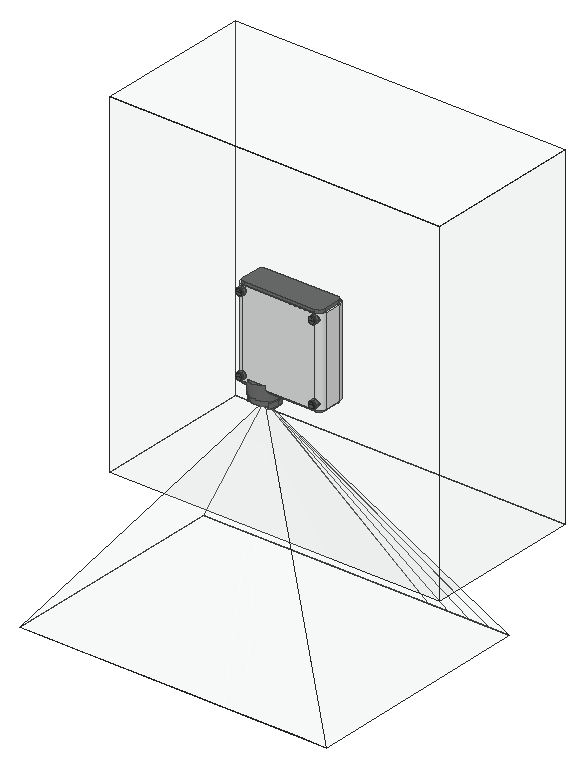
Revit family "Projector-Canon-REALiS_WUX450ST-D-WUX500(ST)-D_Pro_AV", category Communication Devices, host Face, Revit 2015 (continued)
Definition of nested family "Canon Projector"
  Automatic sketch dimensions
    Revolve 13 sketch curve to Revolve 13 sketch curve = 0' - 0 1/128"
    Revolve 13 sketch curve to Revolve 13 sketch curve = 0' - 0.04027"
    Revolve 13 sketch curve to Revolve 13 sketch curve = 0' - 0.0038"
    Revolve 13 sketch curve to Revolve 13 sketch curve = 0' - 0.03598"
    Revolve 13 sketch curve to Revolve 13 sketch curve = 0' - 0.44846"
    Revolve 13 sketch curve to Revolve 13 sketch curve = 0' - 0.00436"
    Revolve 13 sketch curve to Revolve 13 sketch curve = 0' - 0"
    Revolve 13 sketch curve to Revolve 13 sketch curve = 0' - 0.32318"
    Revolve 13 sketch curve to level = 0' - 0.59499"
    Revolve 14 sketch curve to level = 0' - 0"
    Revolve 14 sketch curve to Revolve 14 sketch curve = 0' - 0.00484"
    Revolve 14 sketch curve to Revolve 14 sketch curve = 0' - 0 1/128"
    level to Revolve 14 sketch curve = 0' - 0.66667"
    Revolve 14 sketch curve to Revolve 14 sketch curve = 0' - 0.06033"
    level to Revolve 14 sketch curve = 0' - 0.1366"
    level to Revolve 14 sketch curve = 0' - 0.55581"
    Revolve 14 sketch curve to Revolve 14 sketch curve = 0' - 0.00422"
    Revolve 14 sketch curve to Revolve 14 sketch curve = 0' - 0.44846"
    Revolve 14 sketch curve to Revolve 14 sketch curve = 0' - 0.00436"
    Revolve 14 sketch curve to Revolve 14 sketch curve = 0' - 0"
    Revolve 14 sketch curve to Revolve 14 sketch curve = 0' - 0.32318"
    Revolve 14 sketch curve to level = 0' - 0.59499"
    plane 3 "Projector Center" to Extrusion 15 sketch curve = 0' - 1.57556"
    plane 6 to Extrusion 4 sketch curve = 0' - 2.8706"
    Extrusion 4 sketch curve to plane 3 "Projector Center" = 0' - 1.57556"
    Extrusion 4 sketch curve to Extrusion 4 sketch curve = 0' - 0.07878"
    plane 3 "Projector Center" to Extrusion 4 sketch curve = 0' - 1.49678"
    plane 3 "Projector Center" to Extrusion 4 sketch curve = 0' - 1.57556"
    plane 6 to Extrusion 4 sketch curve = 0' - 0.07878"
    Extrusion 10 sketch curve to Extrusion 10 sketch curve = 0' - 0"
    Extrusion 10 sketch curve to plane 19 = 0' - 0"  (x2)
    Extrusion 10 sketch curve to plane 20 = 0' - 0"
    Revolve 16 sketch curve to Revolve 16 sketch curve = 0' - 0.00422"
    Revolve 16 sketch curve to Revolve 16 sketch curve = 0' - 0 87/256"
    Revolve 16 sketch curve to plane 7 = 0' - 2.12353"
    plane 12 to Revolve 16 sketch curve = 0' - 6.18088"
    level to Revolve 17 sketch curve = 0' - 0.10403"
    Revolve 17 sketch curve to Revolve 17 sketch curve = 0' - 0.4307"
    Revolve 17 sketch curve to Revolve 17 sketch curve = 0' - 0.03598"
    Revolve 17 sketch curve to Revolve 17 sketch curve = 0' - 0.00422"
    Revolve 17 sketch curve to Revolve 17 sketch curve = 0' - 0.45268"
    Revolve 17 sketch curve to Revolve 17 sketch curve = 0' - 0 87/256"
    Revolve 17 sketch curve to plane 7 = 0' - 2.12353"
    plane 12 to Revolve 17 sketch curve = 0' - 6.18088"
    level to Revolve 18 sketch curve = 0' - 0.10403"
    Revolve 18 sketch curve to Revolve 18 sketch curve = 0' - 0.4307"
    Revolve 18 sketch curve to Revolve 18 sketch curve = 0' - 0.03598"
    Revolve 18 sketch curve to Revolve 18 sketch curve = 0' - 0.00422"
    Revolve 18 sketch curve to Revolve 18 sketch curve = 0' - 0.45268"
    Revolve 18 sketch curve to Revolve 18 sketch curve = 0' - 0.52844"
    Revolve 18 sketch curve to plane 7 = 0' - 2.12353"
    plane 12 to Revolve 18 sketch curve = 0' - 6.18088"
    level to Revolve 19 sketch curve = 0' - 0.10403"
    Revolve 19 sketch curve to Revolve 19 sketch curve = 0' - 0.4307"
    Revolve 19 sketch curve to Revolve 19 sketch curve = 0' - 0.03598"
    Revolve 19 sketch curve to Revolve 19 sketch curve = 0' - 0.00422"
    Revolve 19 sketch curve to Revolve 19 sketch curve = 0' - 0.45268"
    Revolve 19 sketch curve to Revolve 19 sketch curve = 0' - 0.52844"
    Revolve 19 sketch curve to plane 7 = 0' - 2.12353"
    plane 12 to Revolve 19 sketch curve = 0' - 6.18088"
    Masking region 1 sketch curve to plane 19 = 0' - 0"
    Masking region 1 sketch curve to Masking region 1 sketch curve = 0' - 0.01207"  (x2)
    Masking region 1 sketch curve to Masking region 1 sketch curve = 0' - 0.02005"  (x2)
    Masking region 1 sketch curve to Masking region 1 sketch curve = 0' - 0.52505"  (x2)
    Masking region 1 sketch curve to Masking region 1 sketch curve = 0' - 0.03016"  (x2)
    Masking region 1 sketch curve to Masking region 1 sketch curve = 0' - 0.60976"  (x2)
    Masking region 1 sketch curve to Masking region 1 sketch curve = 0' - 0.04912"  (x2)
    plane 18 to Masking region 1 sketch curve = 0' - 1.03321"  (x2)
    plane 3 "Projector Center" to Masking region 1 sketch curve = 0' - 1.34175"
    Masking region 1 sketch curve to plane 4 = 0' - 0.00725"
    plane 15 to Masking region 1 sketch curve = 0' - 0.25172"  (x2)
    Masking region 1 sketch curve to plane 15 = 0' - 0.00137"
    plane 5 to Masking region 1 sketch curve = 0' - 1.51257"
    plane 5 to Masking region 1 sketch curve = 0' - 0.76882"
    plane 5 to Masking region 1 sketch curve = 0' - 0.2724"  (x2)
    Masking region 1 sketch curve to plane 5 = 0' - 0.00137"
    Masking region 1 sketch curve to Masking region 1 sketch curve = 0' - 1.36889"  (x2)
    Masking region 1 sketch curve to Masking region 1 sketch curve = 0' - 0.19419"  (x2)
    Masking region 1 sketch curve to Masking region 1 sketch curve = 0' - 0.58602"
    Masking region 1 sketch curve to Masking region 1 sketch curve = 0' - 0.28799"  (x2)
    Masking region 1 sketch curve to Masking region 1 sketch curve = 0' - 0.0016"  (x2)
    Masking region 1 sketch curve to Masking region 1 sketch curve = 0' - 0.02089"  (x2)
    plane 18 to Masking region 1 sketch curve = 0' - 1.42739"  (x2)
    plane 18 to Masking region 1 sketch curve = 0' - 1.72932"
    plane 4 to Masking region 1 sketch curve = 0' - 0.38199"  (x2)
    Masking region 1 sketch curve to Masking region 1 sketch curve = 0' - 0.53335"  (x2)
    Masking region 1 sketch curve to Masking region 1 sketch curve = 0' - 0.0728"
    Extrusion 3 sketch curve to plane 3 "Projector Center" = 0' - 1.0635"
    Extrusion 3 sketch curve to Extrusion 3 sketch curve = 0' - 0.13678"
    Extrusion 3 sketch curve to Extrusion 3 sketch curve = 0' - 0.14654"  (x3)
    plane 3 "Projector Center" to Extrusion 3 sketch curve = 0' - 0.93673"  (x2)
    Extrusion 3 sketch curve to Extrusion 3 sketch curve = 0' - 0.00976"
    plane 1 "Center (Front/Back)" to Extrusion 3 sketch curve = 0' - 1.32133"
    Extrusion 3 sketch curve to plane 1 "Center (Front/Back)" = 0' - 0.72964"
    Revolve 21 sketch curve to plane 19 = 0' - 0"  (x2)
    plane 5 to Revolve 21 sketch curve = 0' - 0.88044"
    Revolve 21 sketch curve to Revolve 21 sketch curve = 0' - 0.04086"
    Revolve 21 sketch curve to Revolve 21 sketch curve = 0' - 0.113"
    Revolve 21 sketch curve to Revolve 21 sketch curve = 0' - 0.00487"
    plane 11 to Revolve 21 sketch curve = 0' - 1.23334"
    plane 10 to Revolve 21 sketch curve = 0' - 4 1/4"
    Revolve 20 sketch curve to plane 19 = 0' - 0"  (x3)
    Revolve 20 sketch curve to Revolve 20 sketch curve = 0' - 0"
    plane 11 to Revolve 20 sketch curve = 0' - 1.23334"
    plane 10 to Revolve 20 sketch curve = 0' - 4 1/4"
    Revolve 20 sketch curve to Revolve 20 sketch curve = 0' - 0.02988"
    plane 3 "Projector Center" to Masking region 2 sketch curve = 0' - 1.4792"
    Masking region 2 sketch curve to plane 18 = 0' - 0.28728"  (x2)
    Masking region 2 sketch curve to Masking region 2 sketch curve = 0' - 0.03239"  (x2)
    Masking region 2 sketch curve to plane 18 = 0' - 0.00725"  (x2)
    Masking region 2 sketch curve to Masking region 2 sketch curve = 0' - 0.01489"  (x2)
    plane 15 to Masking region 2 sketch curve = 0' - 0.25172"  (x2)
    Masking region 2 sketch curve to plane 15 = 0' - 0.00137"
    Masking region 2 sketch curve to plane 18 = 0' - 0.28555"
    plane 5 to Masking region 2 sketch curve = 0' - 0 29/32"
    plane 5 to Masking region 2 sketch curve = 0' - 0.2724"  (x2)
    Masking region 2 sketch curve to plane 5 = 0' - 0.00137"
    plane 18 to Masking region 2 sketch curve = 0' - 0.38693"  (x2)
    plane 4 to Masking region 2 sketch curve = 0' - 0.38199"  (x2)
    Masking region 2 sketch curve to plane 4 = 0' - 0.00725"
    curve 11 to plane 18 = 0' - 0.14942"
    curve 11 to plane 19 = 0' - 1.68689"
    curve 10 to plane 18 = 0' - 0.33721"
    curve 10 to curve 10 = 0' - 0.00754"
    curve 9 to curve 12 = 0' - 0.03763"
    curve 8 to curve 8 = 0' - 0.0355"
    curve 8 to curve 14 = 0' - 0.03147"
    plane 5 to curve 21 = 0' - 1.4591"
    curve 21 to curve 16 = 0' - 0.03147"
    curve 17 to plane 18 = 0' - 0.5314"
    curve 16 to curve 17 = 0' - 0.0355"
    curve 16 to curve 20 = 0' - 0.03763"
    curve 17 to curve 11 = 0' - 0.00754"
    curve 16 to curve 16 = 0' - 0.87433"
    curve 8 to curve 9 = 0' - 1.06852"
    curve 8 to curve 14 = 0' - 0.00128"
    curve 16 to curve 21 = 0' - 0.00128"
    curve 8 to curve 9 = 0' - 0.19419"
    curve 20 to curve 11 = 0' - 0.18779"
    plane 15 to curve 24 = 0' - 0.25172"
    plane 15 to curve 23 = 0' - 0.25172"
    plane 15 to curve 5 = 0' - 0.25172"
    curve 6 to curve 10 = 0' - 0 37/64"
    curve 13 to curve 9 = 0' - 0.51288"
    curve 25 to plane 18 = 0' - 0.00725"
    curve 13 to curve 25 = 0' - 0.01737"
    curve 13 to curve 12 = 0' - 0.04912"
    curve 14 to curve 14 = 0' - 0.00456"
    curve 10 to curve 7 = 0' - 0.11423"
    curve 14 to curve 7 = 0' - 0.04139"
    curve 7 to curve 22 = 0' - 0.53769"
    curve 22 to curve 21 = 0' - 0.57474"
    curve 15 to curve 21 = 0' - 0.04139"
    curve 15 to curve 11 = 0' - 0.11423"
    curve 21 to curve 21 = 0' - 0.00456"
    curve 16 to curve 19 = 0' - 0.50139"
    curve 11 to curve 25 = 0' - 0.48798"
    curve 19 to curve 20 = 0' - 0.04912"
    plane 5 to curve 6 = 0' - 0.76882"
    plane 5 to curve 24 = 0' - 0.2724"
    plane 5 to curve 23 = 0' - 0.2724"
    plane 5 to curve 5 = 0' - 0.2724"
    curve 21 to curve 22 = 0' - 0.28703"
    curve 21 to curve 15 = 0' - 0.28703"
    curve 14 to curve 7 = 0' - 0.28703"
    plane 18 to curve 24 = 0' - 0.38693"
    curve 24 to curve 6 = 0' - 0.64628"
    curve 24 to curve 5 = 0' - 1.04046"
    plane 4 to curve 23 = 0' - 0.38199"
Types (7): name | Width | Weight | Type Comments | Tilt Angle | Throw Ratio | Standby Power | Scanning Frequency | Product data url | Operating Temperature | Min. Throw Ratio | Min. Distance from Wall | Max. Throw Ratio | Max. Distance from Wall | Lens Shift (Vertical) | Lens Shift | Height | Focal Length | Fan Noise | F-Number | Depth | C Projector Shift | C Lens Shift | C Lens | C Projector Limit H1 | Product Page URL | Product Name | Product Documentation Link | Power Consumption | Optional Lenses | Model | Actual Distance from Wall | Description | Brightness
  (no name) | 1' - 1 67/256" | 13.88 lbf | "" | "-" | "0.56:1" | "1.8 - 0.2W" | "H: 15.734kHz - 75.000kHz, V: 24.000Hz - 60.317Hz" | "https://bimobject.com/en-us/canon/product/canon-realis-wux500st-pro" | "32°F - 104°F (0°C - 40°C), 20%RH - 85%RH" | 0.675 | 2' - 8.4" | 0.675 | 2' - 8.4" | "0% - 75%" | "V: 0 - 75%, H: ±10%" | 0' - 5 45/128" | "8.8mm" | "38 / 30 dB" | "F2.7" | 1' - 4 21/64" | 0' - 2 15/32" | yes | 5 | 3' - 9" | "http://www.projectors.usa.canon.com/products/projector_wux500st.php" | "REALiS WUX500ST Pro AV" | "https://downloads.canon.com/nw/brochures/pdf/projector/canon_realis_wux500st_projector_datasheet.pdf" | "395 / 295W" | "Short Fixed Lens WUX500ST" | "WUX500ST" | 2' - 8.4" | "The REALiS WUX500ST Pro AV Short Throw LCOS Projector combines native WUXGA resolution (1920 x 1200), 4500 lumens of brightness, and Canon's LCOS technology with AISYS-enhancement to project bright, highly-detailed/contrasted and color accurate images - all in a compact size (only 13.9 lbs.). The REALiS WUX500ST's 1.35x optical zoom, short throw ratio of 0.56:1 and 0-75% vertical lens shift help provide exceptional installation flexibility, as does the models HDBaseT™ receiver which allows uncompressed HD video, audio and control signals to be transmitted over one single LAN cable up to a maximum distance of 328ft (100m)." | "5000lm / 3460lm"
  REALiS WUX450ST Pro AV | 1' - 1 67/256" | 13.88 lbf | "" | "-" | "0.56:1" | "1.8 - 0.2W" | "H: 15.734kHz - 75.000kHz, V: 24.000Hz - 60.317Hz" | "https://bimobject.com/en-us/canon/product/canon-wux450st-pro" | "32°F - 104°F (0°C - 40°C), 20%RH - 85%RH" | 0.675 | 2' - 8.4" | 0.675 | 2' - 8.4" | "0% - 75%" | "V: 0 - 75%, H: ±10%" | 0' - 5 45/128" | "8.8mm" | "37 / 30 dB" | "F2.7" | 1' - 4 21/64" | 0' - 2 15/32" | yes | 1 | 3' - 9" | "https://www.usa.canon.com/internet/portal/us/home/products/details/projectors/all-projectors/wux450st" | "REALiS WUX450ST Pro AV" | "https://downloads.canon.com/nw/brochures/pdf/projector/canon_wux450st_realis_projector.pdf" | "365 / 295W" | "Short Fixed Lens WUX450ST" | "WUX450ST" | 2' - 8.4" | "The REALiS WUX450ST Pro AV Short Throw LCOS Projector combines native WUXGA resolution (1920 x 1200), 4500 lumens of brightness, and Canon's LCOS technology with AISYS-enhancement to project bright, highly-detailed/contrasted and color accurate images - all in a compact size (only 13.9 lbs.). The REALiS WUX450ST's 1.35x optical zoom, short throw ratio of 0.56:1 and 0-75% vertical lens shift help provide exceptional installation flexibility, as does the models HDBaseT™ receiver which allows uncompressed HD video, audio and control signals to be transmitted over one single LAN cable up to a maximum distance of 328ft (100m)." | "4500lm / 3460lm"
  REALiS WUX450ST D Pro AV | 1' - 1 67/256" | 13.88 lbf | "The WUX450ST D offers a DICOM Simulation Mode (Blue Base and Clear Base color temperature settings) that can reproduce medical images such as X-rays, CAT scans and MRIs for non-diagnostic purposes." | "-" | "0.56:1" | "1.8 - 0.2W" | "H: 15.734kHz - 75.000kHz, V: 24.000Hz - 60.317Hz" | "https://bimobject.com/en-us/canon/product/canon-wux450st" | "32°F - 104°F (0°C - 40°C), 20%RH - 85%RH" | 0.675 | 2' - 8.4" | 0.675 | 2' - 8.4" | "0% - 75%" | "V: 0 - 75%, H: ±10%" | 0' - 5 45/128" | "8.8mm" | "37 / 30 dB" | "F2.7" | 1' - 4 21/64" | 0' - 2 15/32" | yes | 2 | 3' - 9" | "https://www.usa.canon.com/internet/portal/us/home/products/details/projectors/all-projectors/wux450st-dicom" | "REALiS WUX450ST D Pro AV" | "https://www.usa.canon.com/internet/portal/us/home/products/details/projectors/all-projectors/wux450st-dicom" | "365 / 295W" | "Short Fixed Lens WUX450ST" | "WUX450ST D" | 2' - 8.4" | "The REALiS WUX450ST Pro AV Short Throw LCOS Projector combines native WUXGA resolution (1920 x 1200), 4500 lumens of brightness, and Canon's LCOS technology with AISYS-enhancement to project bright, highly-detailed/contrasted and color accurate images - all in a compact size (only 13.9 lbs.). The REALiS WUX450ST's 1.35x optical zoom, short throw ratio of 0.56:1 and 0-75% vertical lens shift help provide exceptional installation flexibility, as does the models HDBaseT™ receiver which allows uncompressed HD video, audio and control signals to be transmitted over one single LAN cable up to a maximum distance of 328ft (100m)." | "4500lm / 3460lm"
  REALiS WUX500 Pro AV | 1' - 1 51/256" | 13.00 lbf | "" | "Bottom Front Feet: 2 places (Max. angles: 6° elevation)" | "1.39 - 2.51:1" | "1.6 (HDBaseT)0.6 (Network) /0.2 W (Standard)" | "-" | "https://bimobject.com/en-us/canon/product/canon-wux500" | "32°F - 104°F (0°C - 40°C)" | 1.675 | 6' - 8.4" | 3.0083 | 12' - 0.39998" | "0% - 60%" | "Manual V: 0% -60%, H: ±10%" | 0' - 5 77/256" | "21.7 – 39.0mm" | "37dB (Full Power) / 30dB (Power Saver)" | "F2.8" | 1' - 2 1/2" | 0' - 0" | no | 3 | 3' - 3.6" | "https://www.usa.canon.com/internet/portal/us/home/products/details/projectors/all-projectors/realis-wux500-pro-av" | "REALiS WUX500 Pro AV" | "http://downloads.canon.com/nw/brochures/pdf/projector/canon-realis-wux500-projector-product-page.pdf" | "365 / 295W" | "Standard Zoom Lens WUX500" | "WUX500" | 6' - 8.4" | "The REALiS WUX500 Pro AV Compact Installation LCOS Projector delivers high performance WUXGA (1920 x 1200) resolution with 5000 lumens of brightness and up to a 2000:1 contrast ratio. These features combined with an advanced Genuine Canon projection lens and Canon's proprietary LCOS technology with AISYS-enhancement helps to produce crisp, bright images with exceptional color reproduction." | "5000 Lumens (Normal) / 3800 Lumens (Power Saver)"
  REALiS WUX500 D Pro AV | 1' - 1 51/256" | 13.00 lbf | "The WUX500 D offers a DICOM Simulation Mode (Blue Base and Clear Base color temperature settings) that can reproduce medical images such as X-rays, CAT scans and MRIs for non-diagnostic purposes." | "Bottom Front Feet: 2 places (Max. angles: 6° elevation)" | "1.39 - 2.51:1" | "1.6 (HDBaseT)0.6 (Network) /0.2 W (Standard)" | "-" | "https://bimobject.com/en-us/canon/product/canon-wux500d" | "32°F - 104°F (0°C - 40°C)" | 1.675 | 6' - 8.4" | 3.0083 | 12' - 0.39998" | "0% - 60%" | "Manual V: 0% -60%, H: ±10%" | 0' - 5 77/256" | "21.7 – 39.0mm" | "37dB (Full Power) / 30dB (Power Saver)" | "F2.8" | 1' - 2 1/2" | 0' - 0" | no | 4 | 3' - 3.6" | "https://www.usa.canon.com/internet/portal/us/home/products/details/projectors/all-projectors/realis-wux500-d-pro-av" | "REALiS WUX500 D Pro AV" | "http://downloads.canon.com/nw/brochures/pdf/projector/canon-realis-wux500-projector-product-page.pdf" | "365 / 295W" | "Standard Zoom Lens WUX500" | "WUX500 D" | 6' - 8.4" | "The REALiS WUX500 Pro AV Compact Installation LCOS Projector delivers high performance WUXGA (1920 x 1200) resolution with 5000 lumens of brightness and up to a 2000:1 contrast ratio. These features combined with an advanced Genuine Canon projection lens and Canon's proprietary LCOS technology with AISYS-enhancement helps to produce crisp, bright images with exceptional color reproduction." | "5000 Lumens (Normal) / 3800 Lumens (Power Saver)"
  REALiS WUX500ST Pro AV | 1' - 1 67/256" | 13.88 lbf | "" | "-" | "0.56:1" | "1.8 - 0.2W" | "H: 15.734kHz - 75.000kHz, V: 24.000Hz - 60.317Hz" | "https://bimobject.com/en-us/canon/product/canon-realis-wux500st-pro" | "32°F - 104°F (0°C - 40°C), 20%RH - 85%RH" | 0.675 | 2' - 8.4" | 0.675 | 2' - 8.4" | "0% - 75%" | "V: 0 - 75%, H: ±10%" | 0' - 5 45/128" | "8.8mm" | "38 / 30 dB" | "F2.7" | 1' - 4 21/64" | 0' - 2 15/32" | yes | 5 | 3' - 9" | "http://www.projectors.usa.canon.com/products/projector_wux500st.php" | "REALiS WUX500ST Pro AV" | "https://downloads.canon.com/nw/brochures/pdf/projector/canon_realis_wux500st_projector_datasheet.pdf" | "395 / 295W" | "Short Fixed Lens WUX500ST" | "WUX500ST" | 2' - 8.4" | "The REALiS WUX500ST Pro AV Short Throw LCOS Projector combines native WUXGA resolution (1920 x 1200), 4500 lumens of brightness, and Canon's LCOS technology with AISYS-enhancement to project bright, highly-detailed/contrasted and color accurate images - all in a compact size (only 13.9 lbs.). The REALiS WUX500ST's 1.35x optical zoom, short throw ratio of 0.56:1 and 0-75% vertical lens shift help provide exceptional installation flexibility, as does the models HDBaseT™ receiver which allows uncompressed HD video, audio and control signals to be transmitted over one single LAN cable up to a maximum distance of 328ft (100m)." | "5000lm / 3460lm"
  REALiS WUX500ST D Pro AV | 1' - 1 67/256" | 13.88 lbf | "The WUX500ST D offers a DICOM Simulation Mode (Blue Base and Clear Base color temperature settings) that can reproduce medical images such as X-rays, CAT scans and MRIs for non-diagnostic purposes." | "-" | "0.56:1" | "1.8 - 0.2W" | "H: 15.734kHz - 75.000kHz, V: 24.000Hz - 60.317Hz" | "https://bimobject.com/en-us/canon/product/canon-wux500st-d-pro" | "32°F - 104°F (0°C - 40°C), 20%RH - 85%RH" | 0.675 | 2' - 8.4" | 0.675 | 2' - 8.4" | "0% - 75%" | "V: 0 - 75%, H: ±10%" | 0' - 5 45/128" | "8.8mm" | "38 / 30 dB" | "F2.7" | 1' - 4 21/64" | 0' - 2 15/32" | yes | 6 | 3' - 9" | "http://www.projectors.usa.canon.com/products/projector_wux500std.php" | "REALiS WUX500ST D Pro AV" | "https://downloads.canon.com/nw/brochures/pdf/projector/canon_realis_wux500st_projector_datasheet.pdf" | "395 / 295W" | "Short Fixed Lens WUX500ST" | "WUX500ST D" | 2' - 8.4" | "The REALiS WUX500ST Pro AV Short Throw LCOS Projector combines native WUXGA resolution (1920 x 1200), 4500 lumens of brightness, and Canon's LCOS technology with AISYS-enhancement to project bright, highly-detailed/contrasted and color accurate images - all in a compact size (only 13.9 lbs.). The REALiS WUX500ST's 1.35x optical zoom, short throw ratio of 0.56:1 and 0-75% vertical lens shift help provide exceptional installation flexibility, as does the models HDBaseT™ receiver which allows uncompressed HD video, audio and control signals to be transmitted over one single LAN cable up to a maximum distance of 328ft (100m)." | "5000lm / 3460lm"
